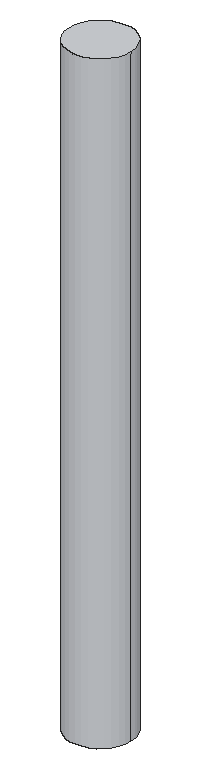
Revit family "Søjle - SØ", category Structural Columns, Revit 2019
Family settings
  Section Shape = Not Defined
  Material for Model Behavior = Other
  Always export as geometry = No
  Beam cutback in plan = From bounding box
  OmniClass Number = 23.25.30.11.14.11
  OmniClass Title = Columns
  Cut with Voids When Loaded = No
  Symbolic Representation = From Family
  Shared = No
  Show family pre-cut in plan views = Yes
Parameters (values of type "SØ 40")
  Structural Material [instance] = Default
  Model = "SØ"  # constant formula
  Manufacturer = "CRH Concrete"  # constant formula
  Højde [instance] = 4000 mm
  Hjælpelinjer [instance] = no
  Diameter = 400 mm
Types (16, lengths in mm): name | Diameter
  (no name) | 400
  SØ 20 | 200
  SØ 23 | 230
  SØ 25 | 250
  SØ 28 | 280
  SØ 30 | 300
  SØ 32 | 320
  SØ 35 | 350
  SØ 36 | 360
  SØ 40 | 400
  SØ 42 | 420
  SØ 45 | 450
  SØ 50 | 500
  SØ 60 | 600
  SØ 65 | 650
  SØ 70 | 700
Reference planes
  plane 1 "Center (Front/Back)": y = 0
  plane 2: z = 0
  plane 3 "Center (Left/Right)": x = 0
  plane 4 "Left": x = -200
  plane 5 "Right": x = 200
  plane 6 "Back": y = 200
  plane 7 "Front": y = -200
Forms (mm)
  Extrusion 1, solid
    sketch origin (0, 0, 0) x (1, 0, 0) y (0, 1, 0)
      loop
        circle (0, 0) r 200
    from 0 to 4000
Lines and regions (mm)
  symbolic lines
    curve 1: line (-200, 200, 0) -> (200, 200, 0)
    curve 2: line (-200, -200, 0) -> (-200, 200, 0)
    curve 3: line (200, -200, 0) -> (-200, -200, 0)
    curve 4: line (200, 200, 0) -> (200, -200, 0)
Dimensions and locks
  equal spacing: plane 4 "Left", plane 3 "Center (Left/Right)", plane 5 "Right"
  equal spacing: plane 7 "Front", plane 1 "Center (Front/Back)", plane 6 "Back"
  "Diameter": plane 4 "Left" to plane 5 "Right"
  "Diameter": plane 7 "Front" to plane 6 "Back"
  "Højde": level to level
  "Diameter": diameter of Extrusion 1 sketch curve
  aligned and locked: level to plane 2
  aligned and locked: level to Extrusion 1
  aligned and locked: plane 1 "Center (Front/Back)" to nested 1
  aligned and locked: plane 3 "Center (Left/Right)" to nested 1
  aligned and locked: nested 4 to plane 5 "Right"
  aligned and locked: nested 4 to plane 2
  aligned and locked: plane 4 "Left" to nested 3
  aligned and locked: nested 3 to plane 2
  aligned and locked: nested 5 to plane 6 "Back"
  aligned and locked: nested 5 to plane 2
  aligned and locked: plane 7 "Front" to nested 2
  aligned and locked: nested 2 to plane 2
  aligned and locked: plane 6 "Back" to curve 1
  aligned and locked: curve 2 to plane 4 "Left"
  aligned and locked: curve 3 to plane 7 "Front"
  aligned and locked: plane 5 "Right" to curve 4
Automatic sketch dimensions
  plane 1 "Center (Front/Back)" to Extrusion 1 sketch curve = 0 mm
  Extrusion 1 sketch curve to plane 3 "Center (Left/Right)" = 0 mm
Nested families
  nested 1: "Non" at (0, 0, 4000), type "Non"
  nested 2: "Non" at (240, -200, 0) x (0, 1, 0) z (1, 0, 0), type "Non"
  nested 3: "Non" at (-200, -240, 0) x (1, 0, 0) z (0, -1, 0), type "Non"
  nested 4: "Non" at (200, 240, 0) x (-1, 0, 0) z (0, 1, 0), type "Non"
  nested 5: "Non" at (-240, 200, 0) x (0, -1, 0) z (-1, 0, 0), type "Non"
Definition of nested family "Non"
  Parameters (values of type "Non")
    Manufacturer = "CRH Concrete"  # constant formula
    Default Elevation = 0 mm
  Reference planes
    plane 1 "Center (Front/Back)": y = 0
    plane 2: z = 0
    plane 3 "Center (Left/Right)": x = 0
    plane 4 "Top": z = -50
    plane 5 "Bottom": z = -550
  Forms (mm)
    Extrusion 1, solid
      sketch origin (0, 0, 0) x (1, 0, 0) y (0, 1, 0)
        loop
          line (-1219.2, 1219.2) -> (-1219.2, -1219.2) -> (1219.2, -1219.2) -> (1219.2, 1219.2) -> (-1219.2, 1219.2)
      from 0 to -750
  Dimensions and locks
    aligned and locked: plane 2 to Extrusion 1
    aligned and locked: level to Extrusion 1
